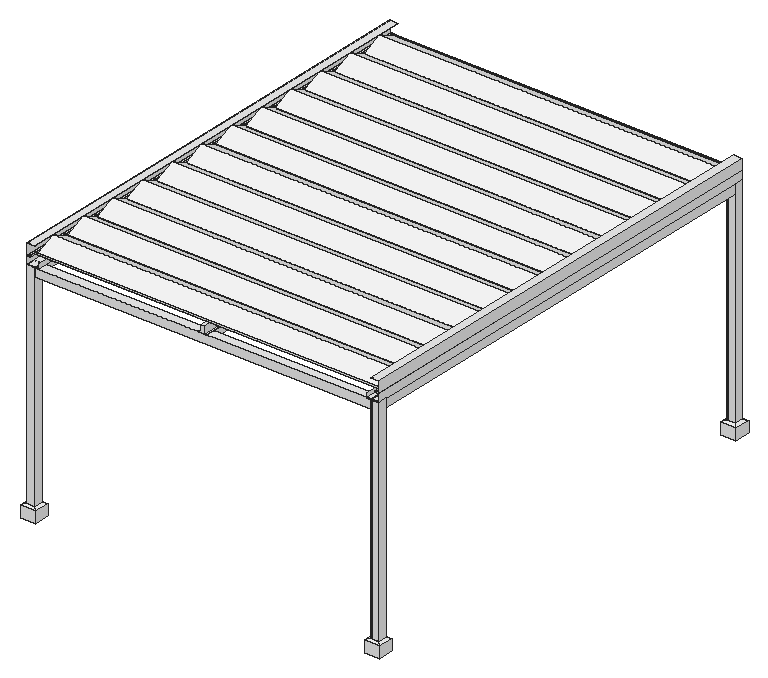
Revit family "Structure-Retractable-Roof_ShadeFX", category Specialty Equipment, Revit 2022
Family settings
  Round Connector Dimension = Use Diameter
  Part Type = Normal
  OmniClass Number = 23.35.00.00
  OmniClass Title = Covering, Cladding, and Finishes
  Work Plane-Based = No
  Always vertical = Yes
  Cut with Voids When Loaded = No
  Maintain Annotation Orientation = No
  Shared = No
  Room Calculation Point = No
Parameters
  URL = "https://www.shadefxcanopies.com/"
  Track Length [instance] = Length  # 18' - 0"
  Support Column - Front Right [instance] = yes
  Support Column - Rear Right [instance] = yes
  Support Column - Front Left [instance] = yes
  Support Column - Rear Left [instance] = yes
  Support Beam - Back [instance] = yes
  Support Beam - Front [instance] = yes
  Support Beam - Right [instance] = yes
  Support Beam - Left [instance] = yes
  Structure Material [instance] = ShadeFX - Aluminum Finish
  Specification = "https://www.arcat.com/company/shadefx-50995/spec"
  Retracted Roof [instance] = not(Extended Roof)  # no
  Retracted Length [instance] = if(or(Length = 8' 0", Length < 9' 0"), 1' 0 1/4", if(or(Length = 9' 0", Length < 10' 0"), 1' 2 1/4", if(or(Length = 10' 0", Length < 11' 0"), 2' 2 1/4", if(or(Length = 11' 0", Length < 12' 0"), 2' 4 1/4", if(or(Length = 12' 0", Length < 13' 3"), 2' 6 1/4", if(or(Length = 13' 3", Length < 14' 0"), 2' 6 1/4", if(or(Length = 14' 0", Length < 15' 0"), 2' 8 1/4", if(or(Length = 15' 0", Length = 16' 0"), 2' 8 1/4", if(or(Length = 16' 0", Length < 17' 0"), 2' 10 1/4", if(or(Length = 17' 0", Length < 18' 0"), 3' 0 1/4", if(or(Length = 18' 0", Length < 19' 0"), 3' 0 1/4", if(or(Length = 19' 0", Length < 20' 0"), 3' 2 1/4", if(or(Length = 20' 0", Length < 21' 0"), 3' 2 1/4", if(or(Length = 21' 0", Length < 22' 0"), 3' 4 1/4", if(or(Length = 22' 0", Length < 23' 0"), 3' 6 1/4", if(or(Length = 23' 0", Length < 26' 0"), 3' 6 1/4", if(or(Length = 26' 0", Length < 27' 0"), 3' 10 1/4", if(or(Length = 27' 0", Length < 29' 0"), 4' 0 1/4", if(or(Length = 29' 0", Length < 30' 0"), 4' 2 1/4", if(Length = 30' 0", 4' 2 1/4", 1' 0"))))))))))))))))))))  # 3' - 0 1/4"
  Motor [instance] = yes
  Max Length and Width [instance] = "Contact us (spec@shadefx.com) for > length 20' x width 20'"
  Gutter Stabilizer [instance] = yes
  G-Channel Stabilizer [instance] = not(Gutter Stabilizer)  # no
  Support Beam - Center [instance] = yes
  Width [instance] = 14' - 0"
  Length [instance] = 18' - 0"
  Product Page URL = "https://www.arcat.com/company/shadefx-50995"
  Model = "Retractable Roof."  # constant formula
  Manufacturer = "ShadeFX"  # constant formula
  Keynote = "10 73 16"
  Height [instance] = 9' - 0"
  Gutter = yes
  Extended Roof [instance] = yes
  Description = "Single track retractable roofs."  # constant formula
  Default Elevation = 0' - 0"
  Cover Material [instance] = ShadeFX - Fabric Color
  Copyright = "ARCAT"
  CAD Details = "https://www.arcat.com/company/shadefx-50995/cad"
  # of Wings [instance] = if(or(Length = 8' 0", Length < 9' 0"), 6, if(or(Length = 9' 0", Length < 10' 0"), 7, if(or(Length = 10' 0", Length < 11' 0"), 7, if(or(Length = 11' 0", Length < 12' 0"), 8, if(or(Length = 12' 0", Length < 13' 3"), 9, if(or(Length = 13' 3", Length < 14' 0"), 9, if(or(Length = 14' 0", Length < 15' 0"), 10, if(or(Length = 15' 0", Length = 16' 0"), 10, if(or(Length = 16' 0", Length < 17' 0"), 11, if(or(Length = 17' 0", Length < 18' 0"), 12, if(or(Length = 18' 0", Length < 19' 0"), 12, if(or(Length = 19' 0", Length < 20' 0"), 13, if(or(Length = 20' 0", Length < 21' 0"), 13, if(or(Length = 21' 0", Length < 22' 0"), 14, if(or(Length = 22' 0", Length < 23' 0"), 15, if(or(Length = 23' 0", Length < 24' 0"), 15, if(or(Length = 24' 0", Length < 26' 0"), 16, if(or(Length = 26' 0", Length < 27' 0"), 17, if(or(Length = 27' 0", Length < 29' 0"), 18, if(or(Length = 29' 0", Length < 30' 0"), 19, if(Length = 30' 0", 19, 2)))))))))))))))))))))  # 12
Reference planes (in)
  plane 1 "Center (Front/Back)": y = -60
  plane 2: z = 0
  plane 3 "Center (Left/Right)": x = 0
  plane 4: x = -2
  plane 5: x = 2
  plane 6: z = 108.855
  plane 7: y = 48
  plane 8: y = -168
  plane 9: x = -84
  plane 10: x = 84
  plane 11: x = 80
  plane 12: x = -80
  plane 13 "Wing Host": z = 111.375
  plane 14: z = 108
  plane 15: z = 112.25
  plane 16: y = 17.5
  plane 17: x = -0.89
  plane 18: x = -3.82
  plane 19: z = 109.075
  plane 20: x = -54
  plane 21: z = 111.75
  plane 22: z = 117.25
  plane 23: x = 54
  plane 24: z = 108.125
Forms (in)
  Extrusion 1, solid, visible <- "Extended Roof"
    sketch origin (62.72054, -180, 108) x (0, -1, 0) y (-1, 0, 0)
      loop
        line (-224, 142.72054) -> (-224, -17.27946) -> (-222.5, -17.27946) -> (-222.5, 142.72054) -> (-224, 142.72054)
    from 0 to 3
  Sweep 2, solid, material "ShadeFX - Aluminum Finish" <- "Structure Material", visible <- "G-Channel Stabilizer"
    path origin (0, 52.11444, 0) x (1, 0, 0) y (0, 1, 0)
      loop
        line (0, -4.11444) -> (0, -220.11444)
    profile origin (0, -60, 0) x (1, 0, 0) y (0, 0, 1)
      loop
        line (-2, 108) -> (2, 108) -> (2, 108.125) -> (0.89, 108.125) -> (0.89, 111.375) -> (-0.89, 111.375) -> (-0.89, 108.125) -> (-2, 108.125) -> (-2, 108)
      loop
        line (-80, 108) -> (-80, 110) -> (-80.125, 110) -> (-80.125, 108.125) -> (-83.875, 108.125) -> (-83.875, 112.125) -> (-82, 112.125) -> (-82, 112.25) -> (-84, 112.25) -> (-84, 108) -> (-80, 108)
      loop
        line (80, 108) -> (84, 108) -> (84, 112.25) -> (82, 112.25) -> (82, 112.125) -> (83.875, 112.125) -> (83.875, 108.125) -> (80.125, 108.125) -> (80.125, 110) -> (80, 110) -> (80, 108)
  Extrusion 3, solid, visible <- "Motor"
    sketch origin (-116.11458, 48, 216) x (-1, 0, 0) y (0, 0, 1)
      loop
        line (-112.29458, -106.925) -> (-112.29458, -104.625) -> (-115.22458, -104.625) -> (-115.22458, -106.925) -> (-112.29458, -106.925)
    from 0 to -30.5
  Sweep 4, solid, material "ShadeFX - Aluminum Finish" <- "Structure Material", visible <- "Gutter Stabilizer"
    path origin (0, 52.11444, 0) x (1, 0, 0) y (0, 1, 0)
      loop
        line (0, -4.11444) -> (0, -220.11444)
    profile origin (0, -60, 0) x (1, 0, 0) y (0, 0, 1)
      loop
        line (-2, 108) -> (2, 108) -> (2, 108.125) -> (0.89, 108.125) -> (0.89, 111.375) -> (-0.89, 111.375) -> (-0.89, 108.125) -> (-2, 108.125) -> (-2, 108)
      loop
        line (-78, 108) -> (-78, 110) -> (-78.125, 110) -> (-78.125, 108.125) -> (-83.875, 108.125) -> (-83.875, 111.625) -> (-82, 111.625) -> (-82, 111.75) -> (-82, 112.25) -> (-83, 112.25) -> (-83, 112.125) -> (-82.11033, 112.125) -> (-82.11033, 111.75) -> (-84, 111.75) -> (-84, 108) -> (-78, 108)
      loop
        line (-82.25125, 111.875) -> (-82.25125, 112) -> (-83.875, 112) -> (-83.875, 117.09443) -> (-80, 117.09443) -> (-80, 117.25) -> (-84, 117.25) -> (-84, 111.875) -> (-82.25125, 111.875)
      loop
        line (78, 108) -> (84, 108) -> (84, 111.75) -> (82.11033, 111.75) -> (82.11033, 112.125) -> (83, 112.125) -> (83, 112.25) -> (82, 112.25) -> (82, 111.75) -> (82, 111.625) -> (83.875, 111.625) -> (83.875, 108.125) -> (78.125, 108.125) -> (78.125, 110) -> (78, 110) -> (78, 108)
      loop
        line (82.25125, 111.875) -> (84, 111.875) -> (84, 117.25) -> (80, 117.25) -> (80, 117.09443) -> (83.875, 117.09443) -> (83.875, 112) -> (82.25125, 112) -> (82.25125, 111.875)
Dimensions and locks (in)
  locked: Extrusion 1 sketch curve to Extrusion 1 sketch curve at 1.5
  equal spacing: plane 4, plane 3 "Center (Left/Right)", plane 5
  locked: plane 4 to plane 5 at 4
  equal spacing: plane 8, plane 1 "Center (Front/Back)", plane 7
  "Length": plane 8 to plane 7
  equal spacing: plane 9, plane 3 "Center (Left/Right)", plane 10
  "Width": plane 9 to plane 10
  locked: plane 9 to plane 12 at 4
  locked: plane 11 to plane 10 at 4
  "Height": plane 14 to plane 2
  locked: plane 13 "Wing Host" to plane 14 at 3.375
  locked: Sweep 2 sketch curve to plane 14 at 0.125
  locked: plane 13 "Wing Host" to plane 6 at 2.52
  locked: plane 15 to plane 14 at 4.25
  locked: Sweep 2 sketch curve to plane 14 at 2  (x2)
  locked: Sweep 2 sketch curve to plane 9 at 2
  locked: Sweep 2 sketch curve to plane 10 at 2
  locked: plane 7 to plane 16 at 30.5
  locked: plane 17 to plane 3 "Center (Left/Right)" at 0.89
  locked: plane 18 to plane 17 at 2.93
  locked: plane 13 "Wing Host" to plane 19 at 2.3
  plane 21 to plane 14 = 0' - 3 3/4"
  plane 22 to plane 21 = 0' - 5 1/2"
  locked: Sweep 4 sketch curve to Sweep 4 sketch curve at 1  (x2)
  locked: Sweep 4 sketch curve to Extrusion 1 at 2  (x2)
  Sweep 4 sketch curve to Sweep 4 sketch curve = 0' - 4"  (x2)
  locked: plane 24 to plane 14 at 0.125
  aligned and locked: level to plane 2
  aligned and locked: Extrusion 1 sketch curve to nested 1  (x3)
  aligned and locked: plane 3 "Center (Left/Right)" to nested 3
  aligned and locked: plane 3 "Center (Left/Right)" to nested 1
  aligned and locked: nested 1 to plane 1 "Center (Front/Back)"
  aligned and locked: plane 14 to Sweep 2 sketch curve  (x3)
  aligned and locked: plane 13 "Wing Host" to Sweep 2 sketch curve
  aligned and locked: Sweep 2 sketch curve to plane 9
  aligned and locked: Sweep 2 sketch curve to plane 12
  aligned and locked: Sweep 2 sketch curve to plane 15  (x2)
  aligned and locked: plane 10 to Sweep 2 sketch curve
  aligned and locked: Sweep 2 sketch curve to plane 11
  aligned and locked: plane 3 "Center (Left/Right)" to nested 2
  aligned and locked: plane 7 to Sweep 2 sketch curve
  aligned and locked: plane 8 to Sweep 2 sketch curve
  aligned and locked: nested 3 to plane 7
  aligned and locked: nested 2 to plane 7
  aligned and locked: Extrusion 3 sketch curve to plane 19
  aligned and locked: Extrusion 3 sketch curve to plane 17
  aligned and locked: Extrusion 3 sketch curve to plane 13 "Wing Host"
  aligned and locked: Extrusion 3 sketch curve to plane 18
  aligned and locked: Extrusion 3 to plane 16
  aligned and locked: plane 7 to Extrusion 3
  aligned and locked: Sweep 4 sketch curve to plane 21  (x2)
  aligned and locked: plane 15 to Sweep 4 sketch curve  (x2)
  aligned and locked: Sweep 4 sketch curve to plane 12
  aligned and locked: Sweep 4 sketch curve to nested 1
  aligned and locked: nested 1 to Sweep 4 sketch curve
  aligned and locked: Sweep 4 sketch curve to plane 22
  aligned and locked: plane 14 to Sweep 4 sketch curve  (x2)
  aligned and locked: Sweep 4 sketch curve to plane 24  (x2)
Automatic sketch dimensions
  Sweep 2 sketch curve to plane 3 "Center (Left/Right)" = 0' - 0"
  Sweep 2 sketch curve to Sweep 2 sketch curve = 0' - 0 1/8"  (x8)
  profile plane to Sweep 2 sketch curve = 0' - 2"
  profile plane to Sweep 2 sketch curve = 0' - 0.89"
  Sweep 2 sketch curve to profile plane = 0' - 0.89"
  Sweep 2 sketch curve to Sweep 2 sketch curve = 0' - 1.11"
  Sweep 2 sketch curve to plane 6 = 0' - 0.73"
  Sweep 4 sketch curve to plane 3 "Center (Left/Right)" = 0' - 0"
  plane 8 to Sweep 4 sketch curve = 0' - 0"
  Sweep 4 sketch curve to plane 7 = 0' - 0"
  Sweep 4 sketch curve to plane 24 = 0' - 0"  (x2)
  Sweep 4 sketch curve to Sweep 4 sketch curve = 0' - 0"  (x3)
  Sweep 4 sketch curve to Sweep 4 sketch curve = 0' - 0 1/8"  (x14)
  Sweep 4 sketch curve to Sweep 4 sketch curve = 0' - 0 7/8"
  Sweep 4 sketch curve to Sweep 4 sketch curve = 0' - 0.25125"
  Sweep 4 sketch curve to Sweep 4 sketch curve = 0' - 0.11033"  (x2)
  Sweep 4 sketch curve to Sweep 4 sketch curve = 0' - 3 7/8"
  profile plane to Sweep 4 sketch curve = 0' - 2"
  profile plane to Sweep 4 sketch curve = 0' - 0.89"
  Sweep 4 sketch curve to profile plane = 0' - 0.89"
  Sweep 4 sketch curve to Sweep 4 sketch curve = 0' - 1.11"
  Sweep 4 sketch curve to Sweep 4 sketch curve = 0' - 6"
  Sweep 4 sketch curve to Sweep 4 sketch curve = 0' - 2"
  Sweep 4 sketch curve to Sweep 4 sketch curve = 0' - 0.14091"
  plane 24 to Sweep 4 sketch curve = 0' - 0 1/8"
  Sweep 4 sketch curve to Sweep 4 sketch curve = 0' - 3 1/4"
  Sweep 4 sketch curve to Sweep 4 sketch curve = 0' - 0.15557"  (x2)
  Sweep 4 sketch curve to Sweep 4 sketch curve = 0' - 4.84443"
Nested families (in)
  nested 1: "PIS_Support Structure" at (-82, 46, 0), Structure Material <- "Structure Material", type "PIS_Support Structure"
    with Structure Material ShadeFX - Aluminum Finish, W 14' - 0", L 18' - 0", Height of Support 9' - 0"
  nested 2: "PIS_Extended Roof" at (-4.10236, 48, 111.375), visible <- "Extended Roof", Cover Material <- "Cover Material", Track Length <- "Track Length", Width <- "Width", # of Wings <- "# of Wings", Structure Material <- "Structure Material", type "PIS_Extended Roof"
    with Width 14' - 0", Track Length 18' - 0", Structure Material ShadeFX - Aluminum Finish, Module Length 1' - 5.66667", Cover Material ShadeFX - Fabric Color, # of Wings 12
  nested 3: "PIS_Retractable Roof" at (0, 48, 111.375), visible <- "Retracted Roof", Retracted Length <- "Retracted Length", Track Length <- "Track Length", Width <- "Width", Cover Material <- "Cover Material", # of Wings <- "# of Wings", Structure Material <- "Structure Material", type "PIS_Retractable Roof"
    with Width 14' - 0", Track Length 18' - 0", Structure Material ShadeFX - Aluminum Finish, Retracted Length 3' - 0 1/4", Cover Material ShadeFX - Fabric Color, # of Wings 12
Connectors (in)
  electrical at (-2.355, 48, 110.225)
    settings: on Extrusion 3, index 1, voltage 0 V, apparent load 0 VA, apparent load phase1 0 VA, apparent load phase2 0 VA, apparent load phase3 0 VA, power factor 1, load classification "Motor", number of poles 1, system type 31, power factor state 1, is connector primary yes, connector utility no, sub classification motor no, connector description ""
Definition of nested family "PIS_Support Structure"
  Parameters (values of type "PIS_Support Structure")
    W = 10' - 0"
    Support 4 = yes
    Support 3 = yes
    Support 2 = yes
    Support 1 = yes
    Structure Material [instance] = none
    Right Support = yes
    Left Support = yes
    L = 24' - 0"
    Height of Support = 10' - 0"
    Gutter = yes
    Front Support = yes
    Default Elevation = 0' - 0"
    Center Ridge = yes
    Back Support = yes
  Reference planes (in)
    plane 1: y = 0
    plane 2: z = 0
    plane 3: x = 0
    plane 4: y = -284
    plane 5: x = 116
    plane 6 "Center (Left/Right)": x = 58
    plane 7: z = 120
    plane 8: z = 117
    plane 9: z = 116
    plane 10: z = 119
    plane 11: x = -2
    plane 12: x = 2
    plane 13: x = 114
    plane 14: x = 118
    plane 15: y = -286
    plane 16: y = -282
    plane 17: y = -2
    plane 18: y = 2
    plane 19: z = 106
    plane 20: z = 102
    plane 21 "Center (Front/Back)": y = -142
  Forms (in)
    Extrusion 1, solid, material <- "Structure Material", visible <- "Support 2"
      sketch origin (0, -212, 0) x (1, 0, 0) y (0, 1, 0)
        loop
          line (-2, -70) -> (-2, -74) -> (2, -74) -> (2, -70) -> (-2, -70)
        loop
          line (-1.75, -70.25) -> (-1.75, -73.75) -> (1.75, -73.75) -> (1.75, -70.25) -> (-1.75, -70.25)
      from 6 to 120
    Extrusion 2, solid, material <- "Structure Material", visible <- "Support 1"
      sketch origin (0, 0, 0) x (1, 0, 0) y (0, 1, 0)
        loop
          line (-2, 2) -> (-2, -2) -> (2, -2) -> (2, 2) -> (-2, 2)
        loop
          line (-1.75, 1.75) -> (-1.75, -1.75) -> (1.75, -1.75) -> (1.75, 1.75) -> (-1.75, 1.75)
      from 6 to 120
    Extrusion 3, solid, material <- "Structure Material", visible <- "Support 3"
      sketch origin (212, 0, 0) x (1, 0, 0) y (0, 1, 0)
        loop
          line (-98, 2) -> (-98, -2) -> (-94, -2) -> (-94, 2) -> (-98, 2)
        loop
          line (-97.75, 1.75) -> (-97.75, -1.75) -> (-94.23695, -1.75) -> (-94.23695, 1.75) -> (-97.75, 1.75)
      from 6 to 120
    Extrusion 4, solid, material <- "Structure Material", visible <- "Support 4"
      sketch origin (212, -212, 0) x (1, 0, 0) y (0, 1, 0)
        loop
          line (-98, -70) -> (-98, -74) -> (-94, -74) -> (-94, -70) -> (-98, -70)
        loop
          line (-97.75, -70.25) -> (-97.75, -73.75) -> (-94.25, -73.75) -> (-94.25, -70.25) -> (-97.75, -70.25)
      from 6 to 120
    Extrusion 5, solid, material <- "Structure Material", visible <- "Left Support"
      sketch origin (0, 0, 0) x (1, 0, 0) y (0, 0, 1)
        loop
          line (-2, 120) -> (-2, 116) -> (2, 116) -> (2, 120) -> (-2, 120)
        loop
          line (-1.75, 119.75) -> (-1.75, 116.25) -> (1.75, 116.25) -> (1.75, 119.75) -> (-1.75, 119.75)
      from 2 to 282
    Extrusion 6, solid, material <- "Structure Material", visible <- "Right Support"
      sketch origin (212, 0, 0) x (1, 0, 0) y (0, 0, 1)
        loop
          line (-98, 120) -> (-98, 116) -> (-94, 116) -> (-94, 120) -> (-98, 120)
        loop
          line (-97.75, 119.75) -> (-97.75, 116.25) -> (-94.25, 116.25) -> (-94.25, 119.75) -> (-97.75, 119.75)
      from 2 to 282
    Extrusion 7, solid, material <- "Structure Material", visible <- "Back Support"
      sketch origin (106, 0, 0) x (0, -1, 0) y (0, 0, 1)
        loop
          line (-2, 120) -> (-2, 116) -> (2, 116) -> (2, 120) -> (-2, 120)
        loop
          line (-1.75, 119.75) -> (-1.75, 116.25) -> (1.75, 116.25) -> (1.75, 119.75) -> (-1.75, 119.75)
      from -8 to 104
    Extrusion 8, solid, material <- "Structure Material", visible <- "Front Support"
      sketch origin (106, -212, 0) x (0, -1, 0) y (0, 0, 1)
        loop
          line (70, 120) -> (70, 116) -> (74, 116) -> (74, 120) -> (70, 120)
        loop
          line (70.25, 119.75) -> (70.25, 116.25) -> (73.75, 116.25) -> (73.75, 119.75) -> (70.25, 119.75)
      from -8 to 104
    Extrusion 9, solid, material <- "Structure Material", visible <- "Center Ridge"
      sketch origin (-2, 0, 0) x (1, 0, 0) y (0, 1, 0)
        loop
          line (57.375, -2) -> (57.375, -282) -> (62.625, -282) -> (62.625, -2) -> (57.375, -2)
      from 117 to 120
  Dimensions and locks (in)
    Extrusion 9 sketch curve to plane 6 "Center (Left/Right)" to Extrusion 9 sketch curve = 0' - 2 5/8" locked, 0' - 2 5/8" locked
    "Height of Support": plane 7 to level
    locked: plane 7 to plane 8 at 3
    locked: plane 7 to plane 9 at 4
    locked: plane 10 to plane 7 at 1
    locked: plane 11 to plane 12 at 4
    equal spacing: plane 11, plane 3, plane 12
    locked: plane 13 to plane 14 at 4
    equal spacing: plane 13, plane 5, plane 14
    locked: plane 18 to plane 17 at 4
    equal spacing: plane 18, plane 1, plane 17
    locked: plane 16 to plane 15 at 4
    equal spacing: plane 16, plane 4, plane 15
    "W": plane 11 to plane 14
    equal spacing: plane 3, plane 6 "Center (Left/Right)", plane 5
    "L": plane 18 to plane 15
    locked: plane 19 to plane 20 at 4
    locked: plane 7 to plane 20 at 18
    equal spacing: plane 18, plane 21 "Center (Front/Back)", plane 15
    aligned and locked: level to plane 2
    aligned and locked: Extrusion 9 to Extrusion 7  (x2)
    aligned and locked: Extrusion 9 to Extrusion 8
    aligned and locked: Extrusion 1 to plane 7
    aligned and locked: Extrusion 5 to plane 7
    aligned and locked: Extrusion 2 to plane 7
    aligned and locked: plane 7 to Extrusion 1
    aligned and locked: Extrusion 8 to plane 7
    aligned and locked: Extrusion 7 to plane 7
    aligned and locked: plane 7 to Extrusion 8
    aligned and locked: Extrusion 9 to plane 7
    aligned and locked: Extrusion 4 to plane 7
    aligned and locked: Extrusion 6 to plane 7
    aligned and locked: Extrusion 3 to plane 7
    aligned and locked: plane 7 to Extrusion 4
    aligned and locked: plane 8 to Extrusion 9
    aligned and locked: plane 9 to Extrusion 8
    aligned and locked: plane 9 to Extrusion 7
    aligned and locked: Extrusion 8 to plane 9  (x4)
    aligned and locked: plane 9 to Extrusion 5  (x8)
    aligned and locked: plane 9 to Extrusion 6
    aligned and locked: plane 3 to nested 1
    aligned and locked: nested 4 to plane 3
    aligned and locked: nested 2 to plane 5
    aligned and locked: nested 3 to plane 5
    aligned and locked: plane 4 to nested 3
    aligned and locked: plane 4 to nested 4
    aligned and locked: plane 1 to nested 1
    aligned and locked: plane 1 to nested 2
    aligned and locked: Extrusion 1 to nested 4
    aligned and locked: Extrusion 2 to nested 1
    aligned and locked: Extrusion 3 to nested 2
    aligned and locked: Extrusion 4 to nested 3
    aligned and locked: plane 11 to Extrusion 2
    aligned and locked: plane 11 to Extrusion 5
    aligned and locked: Extrusion 2 to plane 12
    aligned and locked: Extrusion 5 to plane 12
    aligned and locked: Extrusion 7 to Extrusion 2
    aligned and locked: Extrusion 7 to Extrusion 3
    aligned and locked: Extrusion 6 to Extrusion 3
    aligned and locked: Extrusion 6 to Extrusion 4
    aligned and locked: Extrusion 8 to Extrusion 4
    aligned and locked: Extrusion 8 to Extrusion 1
    aligned and locked: Extrusion 5 to Extrusion 1
    aligned and locked: plane 13 to Extrusion 3
    aligned and locked: plane 13 to Extrusion 4
    aligned and locked: plane 18 to Extrusion 2
    aligned and locked: plane 18 to Extrusion 7
    aligned and locked: plane 18 to Extrusion 3
    aligned and locked: Extrusion 1 to plane 15
    aligned and locked: Extrusion 8 to plane 15
    aligned and locked: Extrusion 4 to plane 15
    aligned and locked: plane 16 to Extrusion 4
    aligned and locked: plane 16 to Extrusion 1
  Automatic sketch dimensions
    Extrusion 1 sketch curve to plane 11 = 0' - 0"
    Extrusion 1 sketch curve to plane 12 = 0' - 0"
    Extrusion 1 sketch curve to plane 15 = 0' - 0"
    Extrusion 1 sketch curve to plane 16 = 0' - 0"
    Extrusion 1 sketch curve to plane 11 = 0' - 0 1/4"
    plane 12 to Extrusion 1 sketch curve = 0' - 0 1/4"
    plane 15 to Extrusion 1 sketch curve = 0' - 0 1/4"
    Extrusion 1 sketch curve to plane 16 = 0' - 0 1/4"
    Extrusion 2 sketch curve to plane 11 = 0' - 0"
    Extrusion 2 sketch curve to plane 12 = 0' - 0"
    Extrusion 2 sketch curve to plane 17 = 0' - 0"
    Extrusion 2 sketch curve to plane 18 = 0' - 0"
    Extrusion 2 sketch curve to plane 11 = 0' - 0 1/4"
    plane 12 to Extrusion 2 sketch curve = 0' - 0 1/4"
    plane 17 to Extrusion 2 sketch curve = 0' - 0 1/4"
    Extrusion 2 sketch curve to plane 18 = 0' - 0 1/4"
    Extrusion 3 sketch curve to plane 13 = 0' - 0"
    Extrusion 3 sketch curve to plane 18 = 0' - 0"
    Extrusion 3 sketch curve to plane 17 = 0' - 0"
    Extrusion 3 sketch curve to plane 13 = 0' - 0 1/4"
    plane 14 to Extrusion 3 sketch curve = 0' - 0.23695"
    plane 14 to Extrusion 3 sketch curve = 0' - 0"
    plane 17 to Extrusion 3 sketch curve = 0' - 0 1/4"
    Extrusion 3 sketch curve to plane 18 = 0' - 0 1/4"
    Extrusion 4 sketch curve to plane 13 = 0' - 0"
    Extrusion 4 sketch curve to plane 14 = 0' - 0"
    Extrusion 4 sketch curve to plane 15 = 0' - 0"
    Extrusion 4 sketch curve to plane 16 = 0' - 0"
    Extrusion 4 sketch curve to plane 13 = 0' - 0 1/4"
    plane 14 to Extrusion 4 sketch curve = 0' - 0 1/4"
    plane 15 to Extrusion 4 sketch curve = 0' - 0 1/4"
    Extrusion 4 sketch curve to plane 16 = 0' - 0 1/4"
    Extrusion 5 sketch curve to plane 9 = 0' - 0"
    Extrusion 5 sketch curve to plane 11 = 0' - 0"
    Extrusion 5 sketch curve to plane 7 = 0' - 0"
    Extrusion 5 sketch curve to plane 12 = 0' - 0"
    Extrusion 5 sketch curve to plane 11 = 0' - 0 1/4"
    plane 12 to Extrusion 5 sketch curve = 0' - 0 1/4"
    Extrusion 5 sketch curve to plane 9 = 0' - 0 1/4"
    plane 7 to Extrusion 5 sketch curve = 0' - 0 1/4"
    Extrusion 6 sketch curve to plane 9 = 0' - 0"
    Extrusion 6 sketch curve to plane 13 = 0' - 0"
    Extrusion 6 sketch curve to plane 7 = 0' - 0"
    Extrusion 6 sketch curve to plane 14 = 0' - 0"
    Extrusion 6 sketch curve to plane 13 = 0' - 0 1/4"
    plane 14 to Extrusion 6 sketch curve = 0' - 0 1/4"
    Extrusion 6 sketch curve to plane 9 = 0' - 0 1/4"
    plane 7 to Extrusion 6 sketch curve = 0' - 0 1/4"
    plane 9 to Extrusion 7 sketch curve = 0' - 0"
    Extrusion 7 sketch curve to plane 18 = 0' - 0"
    plane 7 to Extrusion 7 sketch curve = 0' - 0"
    Extrusion 7 sketch curve to plane 17 = 0' - 0"
    Extrusion 7 sketch curve to plane 18 = 0' - 0 1/4"
    plane 17 to Extrusion 7 sketch curve = 0' - 0 1/4"
    Extrusion 7 sketch curve to plane 9 = 0' - 0 1/4"
    plane 7 to Extrusion 7 sketch curve = 0' - 0 1/4"
    plane 9 to Extrusion 8 sketch curve = 0' - 0"
    Extrusion 8 sketch curve to plane 16 = 0' - 0"
    plane 7 to Extrusion 8 sketch curve = 0' - 0"
    Extrusion 8 sketch curve to plane 15 = 0' - 0"
    Extrusion 8 sketch curve to plane 16 = 0' - 0 1/4"
    plane 15 to Extrusion 8 sketch curve = 0' - 0 1/4"
    Extrusion 8 sketch curve to plane 9 = 0' - 0 1/4"
    plane 7 to Extrusion 8 sketch curve = 0' - 0 1/4"
    Extrusion 9 sketch curve to plane 16 = 0' - 0"
    Extrusion 9 sketch curve to plane 17 = 0' - 0"
  Nested families (in)
    nested 1: "PIS_Base Support" at (0, 0, 0), visible <- "Support 1", Material <- "Structure Material", type "PIS_Base Support"
      with Material none
    nested 2: "PIS_Base Support" at (116, 0, 0), visible <- "Support 3", Material <- "Structure Material", type "PIS_Base Support"
      with Material none
    nested 3: "PIS_Base Support" at (116, -284, 0), visible <- "Support 4", Material <- "Structure Material", type "PIS_Base Support"
      with Material none
    nested 4: "PIS_Base Support" at (0, -284, 0), visible <- "Support 2", Material <- "Structure Material", type "PIS_Base Support"
      with Material none
  Definition of nested family "PIS_Base Support"
    Parameters (values of type "PIS_Base Support")
      Material [instance] = none
      Default Elevation = 0' - 0"
    Reference planes (in)
      plane 1 "Center (Front/Back)": y = 0
      plane 2: z = 0
      plane 3 "Center (Left/Right)": x = 0
    Forms (in)
      Extrusion 1, solid, material <- "Material"
        sketch origin (0, 0, 0) x (1, 0, 0) y (0, 1, 0)
          loop
            line (3.655, 3.655) -> (-3.655, 3.655) -> (-3.655, -3.655) -> (3.655, -3.655) -> (3.655, 3.655)
        from 0 to 5.23828
      Blend 2, solid, material <- "Material"
        base sketch origin (0, 0, 0) x (1, 0, 0) y (0, 1, 0)
          loop
            line (-3.655, 3.655) -> (-3.655, -3.655) -> (3.655, -3.655) -> (3.655, 3.655) -> (-3.655, 3.655)
        top sketch origin (0, 0, 0) x (1, 0, 0) y (0, 1, 0)
          loop
            line (-2, 2) -> (-2, -2) -> (2, -2) -> (2, 2) -> (-2, 2)
        from 5.23828 to 6
    Dimensions and locks (in)
      aligned and locked: plane 2 to level
      aligned and locked: Blend 2 to Extrusion 1
Definition of nested family "PIS_Extended Roof"
  Parameters (values of type "PIS_Extended Roof")
    Width [instance] = 8' - 0"
    URL = ""
    Track Length [instance] = 19' - 8 21/128"
    Structure Material [instance] = none
    Module Length [instance] = (Track Length - (Back Offset + Front Offset + 0' 0 3/4")) / # of Wings  # 3' - 2.69401"
    Manufacturer = ""
    Keynote = ""
    Front Offset = 0' - 3 1/4"
    Default Elevation = 4' - 0"
    Cover Material [instance] = none
    Back Offset = 0' - 0"
    # of Wings [instance] = 6
  Reference planes (in)
    plane 1 "Center (Front/Back)": y = 0
    plane 2: z = 0
    plane 3 "Center (Left/Right)": x = 4.10236
    plane 4: x = -43.89764
    plane 5: x = 52.10236
    plane 6: y = 0
    plane 7: y = -39.44401
    plane 8: y = -236.16405
    plane 9: y = -0.75
    plane 10: y = -232.91405
    plane 11: x = -42.39764
    plane 12: x = 50.60236
  Forms (in)
    Extrusion 1, solid, material <- "Structure Material"
      sketch origin (-42.39764, 9.82233, 216) x (0, 1, 0) y (0, 0, 1)
        loop
          line (-10.57233, -216) -> (-9.82233, -216) -> (-9.82233, -215.25) -> (-10.57233, -215.25) -> (-10.57233, -216)
      from 0 to 93
  Dimensions and locks (in)
    locked: plane 6 to plane 9 at 0.75
    "Back Offset": plane 1 "Center (Front/Back)" to plane 6
    "Module Length": plane 9 to plane 7
    "Front Offset": plane 10 to plane 8
    equal spacing: plane 4, plane 3 "Center (Left/Right)", plane 5
    "Width": plane 4 to plane 5
    "Track Length": plane 1 "Center (Front/Back)" to plane 8
    locked: plane 4 to plane 11 at 1.5
    locked: plane 12 to plane 5 at 1.5
    equal spacing: group 1, group 3, group 4, group 5, group 6, group 2  (x2)
    equal spacing: group 2, group 6, group 5, group 4, group 3, group 1
    aligned and locked: plane 2 to level
    aligned and locked: plane 3 "Center (Left/Right)" to nested 1
    aligned and locked: nested 1 to plane 9
    aligned and locked: plane 10 to nested 2
    aligned and locked: plane 9 to Extrusion 1 sketch curve
    aligned and locked: plane 6 to Extrusion 1 sketch curve
    aligned and locked: plane 2 to Extrusion 1 sketch curve
    aligned and locked: plane 12 to Extrusion 1
    aligned and locked: Extrusion 1 to plane 11
  Automatic sketch dimensions
    level to Extrusion 1 sketch curve = 0' - 0 3/4"
  Nested families (in)
    nested 1: "PIS_Extended Roof Shade" at (4.08691, -0.75, 0), Cover Material <- "Cover Material", Module Length <- "Module Length", W <- "Width", Structure Material <- "Structure Material", type "PIS_Extended Roof Shade"
      with Width of Extended Roof 7' - 9", W 8' - 0", Structure Material none, Module Length 3' - 2.69401", Cover Material none
    nested 2: "PIS_Extended Roof Shade" at (4.08691, -194.22004, 0), Cover Material <- "Cover Material", Module Length <- "Module Length", W <- "Width", Structure Material <- "Structure Material", type "PIS_Extended Roof Shade"
      with Width of Extended Roof 7' - 9", W 8' - 0", Structure Material none, Module Length 3' - 2.69401", Cover Material none
    nested 3: "PIS_Extended Roof Shade" at (4.08691, -39.44401, 0), Cover Material <- "Cover Material", Module Length <- "Module Length", W <- "Width", Structure Material <- "Structure Material", type "PIS_Extended Roof Shade"
      with Width of Extended Roof 7' - 9", W 8' - 0", Structure Material none, Module Length 3' - 2.69401", Cover Material none
    nested 4: "PIS_Extended Roof Shade" at (4.08691, -78.13802, 0), Cover Material <- "Cover Material", Module Length <- "Module Length", W <- "Width", Structure Material <- "Structure Material", type "PIS_Extended Roof Shade"
      with Width of Extended Roof 7' - 9", W 8' - 0", Structure Material none, Module Length 3' - 2.69401", Cover Material none
    nested 5: "PIS_Extended Roof Shade" at (4.08691, -116.83202, 0), Cover Material <- "Cover Material", Module Length <- "Module Length", W <- "Width", Structure Material <- "Structure Material", type "PIS_Extended Roof Shade"
      with Width of Extended Roof 7' - 9", W 8' - 0", Structure Material none, Module Length 3' - 2.69401", Cover Material none
    nested 6: "PIS_Extended Roof Shade" at (4.08691, -155.52603, 0), Cover Material <- "Cover Material", Module Length <- "Module Length", W <- "Width", Structure Material <- "Structure Material", type "PIS_Extended Roof Shade"
      with Width of Extended Roof 7' - 9", W 8' - 0", Structure Material none, Module Length 3' - 2.69401", Cover Material none
  Definition of nested family "PIS_Extended Roof Shade"
    Parameters (values of type "PIS_Extended Roof Shade")
      Width of Extended Roof [instance] = W - 0' 3"  # 11' - 9"
      W [instance] = 12' - 0"
      Structure Material [instance] = none
      Module Length [instance] = 1' - 0"
      Default Elevation = 0' - 0"
      Cover Material [instance] = none
    Reference planes (in)
      plane 1 "Center (Front/Back)": y = 0
      plane 2: z = 0
      plane 3 "Center (Left/Right)": x = 0.01545
      plane 4: x = -71.98455
      plane 5: x = 72.01545
      plane 6: x = -70.48455
      plane 7: x = 70.51545
      plane 8: y = -12
      plane 9: y = -11.25
      plane 10: x = -68.98455
      plane 11: x = 69.01545
      plane 12: z = 0.75
      plane 13: z = 8.48
      plane 14: y = -5.625
      plane 15: z = 4.87
    Forms (in)
      Extrusion 1, solid, material <- "Structure Material"
        sketch origin (-105.98455, -30, 0) x (1, 0, 0) y (0, 1, 0)
          loop
            line (35.5, 18) -> (176.5, 18) -> (176.5, 18.75) -> (35.5, 18.75) -> (35.5, 18)
        from 0 to 0.75
      Extrusion 2, solid, material <- "Cover Material"
        sketch origin (0.01545, -58.1608, 162.52538) x (0, 1, 0) y (0, 0, 1)
          loop
            line (57.83363, -161.77538) -> (58.04222, -161.77538) -> (52.54098, -157.65538) -> (46.10394, -161.77538) -> (46.33588, -161.77538) -> (52.53539, -157.8074) -> (57.83363, -161.77538)
        from -69 to 69
    Dimensions and locks (in)
      equal spacing: plane 4, plane 3 "Center (Left/Right)", plane 5
      "W": plane 4 to plane 5
      "Width of Extended Roof": plane 6 to plane 7
      locked: plane 4 to plane 6 at 1.5
      "Module Length": plane 8 to plane 1 "Center (Front/Back)"
      locked: plane 9 to plane 8 at 0.75
      locked: plane 6 to plane 10 at 1.5
      locked: plane 11 to plane 7 at 1.5
      locked: plane 12 to plane 2 at 0.75
      plane 2 to plane 15 = 0' - 4.87"
      equal spacing: plane 9, plane 14, plane 1 "Center (Front/Back)"
      locked: Extrusion 2 sketch curve to Extrusion 2 sketch curve at 0.12504  (x2)
      aligned and locked: plane 2 to level
      aligned and locked: Extrusion 1 to plane 6
      aligned and locked: Extrusion 1 sketch curve to plane 7
      aligned and locked: Extrusion 1 sketch curve to plane 9
      aligned and locked: Extrusion 1 sketch curve to plane 8
      aligned and locked: Extrusion 1 sketch curve to plane 6
      aligned and locked: plane 12 to Extrusion 1
      aligned and locked: plane 12 to Extrusion 2 sketch curve
      aligned and locked: Extrusion 2 to plane 11
      aligned and locked: Extrusion 2 to plane 10
      aligned and locked: plane 15 to Extrusion 2 sketch curve
    Automatic sketch dimensions
      Extrusion 2 sketch curve to plane 12 = 0' - 0"
      Extrusion 2 sketch curve to plane 8 = 0' - 0.05686"
      plane 14 to Extrusion 2 sketch curve = 0' - 0.00041"
      plane 1 "Center (Front/Back)" to Extrusion 2 sketch curve = 0' - 0.32717"
Definition of nested family "PIS_Retractable Roof"
  Parameters (values of type "PIS_Retractable Roof")
    Width [instance] = 8' - 0"
    URL = ""
    Track Length [instance] = 11' - 0"
    Structure Material [instance] = none
    Retracted Length [instance] = 3' - 6"
    Manufacturer = ""
    Keynote = ""
    Default Elevation = 4' - 0"
    Cover Material [instance] = none
    Back Offset = 0' - 0"
    # of Wings [instance] = 6
  Reference planes (in)
    plane 1 "Center (Front/Back)": y = 0
    plane 2: z = 0
    plane 3 "Center (Left/Right)": x = 0
    plane 4: y = 0
    plane 5: y = -42
    plane 6: x = -48
    plane 7: x = 48
    plane 8: y = -0.75
  Dimensions and locks (in)
    "Back Offset": plane 4 to plane 1 "Center (Front/Back)"
    equal spacing: plane 6, plane 3 "Center (Left/Right)", plane 7
    "Width": plane 6 to plane 7
    "Retracted Length": plane 5 to plane 4
    locked: plane 8 to plane 4 at 0.75
    equal spacing: group 1, group 3, group 4, group 5, group 6, group 2  (x2)
    equal spacing: group 2, group 6, group 5, group 4, group 3, group 1
    aligned and locked: plane 2 to level
    aligned and locked: plane 3 "Center (Left/Right)" to nested 1
    aligned and locked: plane 4 to nested 1
    aligned and locked: nested 2 to plane 5
  Nested families (in)
    nested 1: "PIS_Retracted Roof Shade" at (0, -19.25454, 0), W <- "Width", Cover Material <- "Cover Material", Structure Material <- "Structure Material", type "PIS_Retracted Roof Shade"
      with Width of Shade 7' - 9", W 8' - 0", Structure Material none, Cover Material none
    nested 2: "PIS_Retracted Roof Shade" at (0, -60.50454, 0), W <- "Width", Cover Material <- "Cover Material", Structure Material <- "Structure Material", type "PIS_Retracted Roof Shade"
      with Width of Shade 7' - 9", W 8' - 0", Structure Material none, Cover Material none
    nested 3: "PIS_Retracted Roof Shade" at (0, -27.50454, 0), W <- "Width", Cover Material <- "Cover Material", Structure Material <- "Structure Material", type "PIS_Retracted Roof Shade"
      with Width of Shade 7' - 9", W 8' - 0", Structure Material none, Cover Material none
    nested 4: "PIS_Retracted Roof Shade" at (0, -35.75454, 0), W <- "Width", Cover Material <- "Cover Material", Structure Material <- "Structure Material", type "PIS_Retracted Roof Shade"
      with Width of Shade 7' - 9", W 8' - 0", Structure Material none, Cover Material none
    nested 5: "PIS_Retracted Roof Shade" at (0, -44.00454, 0), W <- "Width", Cover Material <- "Cover Material", Structure Material <- "Structure Material", type "PIS_Retracted Roof Shade"
      with Width of Shade 7' - 9", W 8' - 0", Structure Material none, Cover Material none
    nested 6: "PIS_Retracted Roof Shade" at (0, -52.25454, 0), W <- "Width", Cover Material <- "Cover Material", Structure Material <- "Structure Material", type "PIS_Retracted Roof Shade"
      with Width of Shade 7' - 9", W 8' - 0", Structure Material none, Cover Material none
  Definition of nested family "PIS_Retracted Roof Shade"
    Parameters (values of type "PIS_Retracted Roof Shade")
      Width of Shade [instance] = W - 0' 3"  # 5' - 9"
      W [instance] = 6' - 0"
      Structure Material [instance] = none
      Default Elevation = 0' - 0"
      Cover Material [instance] = none
    Reference planes (in)
      plane 1 "Center (Front/Back)": y = 9.25454
      plane 2: z = 0
      plane 3 "Center (Left/Right)": x = 0
      plane 4: y = 18.50454
      plane 5: y = 19.25454
      plane 6: x = -34.5
      plane 7: x = 34.5
      plane 8: z = 0.75
      plane 9: z = 8.48
      plane 10: x = -33
      plane 11: x = -36
      plane 12: x = 33
      plane 13: x = 36
    Forms (in)
      Extrusion 1, solid, material <- "Structure Material"
        sketch origin (0, 0, 0) x (1, 0, 0) y (0, 1, 0)
          loop
            line (-34.5, 18.50454) -> (34.5, 18.50454) -> (34.5, 19.25454) -> (-34.5, 19.25454) -> (-34.5, 18.50454)
        from 0 to 0.75
      Extrusion 2, solid, material <- "Cover Material"
        sketch origin (0, 0, 0) x (0, 1, 0) y (0, 0, 1)
          loop
            line (18.50454, 0.75) -> (7.17718, 4.87387) -> (7.13271, 4.75171) -> (18.50454, 0.61165) -> (18.50454, 0.75)
        from -33 to 33
    Dimensions and locks (in)
      equal spacing: plane 6, plane 3 "Center (Left/Right)", plane 7
      "Width of Shade": plane 6 to plane 7
      plane 8 to plane 2 = 0' - 0 3/4"
      plane 5 to plane 4 = 0' - 0 3/4"
      locked: plane 2 to plane 9 at 8.48
      plane 5 to plane 1 "Center (Front/Back)" = 0' - 10"
      locked: Extrusion 2 sketch curve to Extrusion 2 sketch curve at 0.13
      locked: plane 6 to plane 10 at 1.5
      locked: plane 12 to plane 7 at 1.5
      equal spacing: plane 11, plane 3 "Center (Left/Right)", plane 13
      "W": plane 11 to plane 13
      angle plane 8 to Extrusion 2 sketch curve = 20.0047°
      aligned and locked: plane 2 to level
      aligned and locked: Extrusion 1 to plane 6
      aligned and locked: plane 7 to Extrusion 1
      aligned and locked: plane 8 to Extrusion 1
      aligned and locked: plane 4 to Extrusion 1
      aligned and locked: Extrusion 1 to plane 5
      aligned and locked: Extrusion 1 to plane 2
      aligned and locked: plane 4 to Extrusion 2 sketch curve
      aligned and locked: Extrusion 2 to plane 10
      aligned and locked: Extrusion 2 to plane 12
    Automatic sketch dimensions
      plane 5 to Extrusion 1 sketch curve = 0' - 0"
      Extrusion 1 sketch curve to plane 6 = 0' - 0"
      Extrusion 1 sketch curve to plane 7 = 0' - 0"
      plane 4 to Extrusion 1 sketch curve = 0' - 0"
      Extrusion 2 sketch curve to plane 8 = 0' - 0"
      plane 1 "Center (Front/Back)" to Extrusion 2 sketch curve = 0' - 2.07736"
